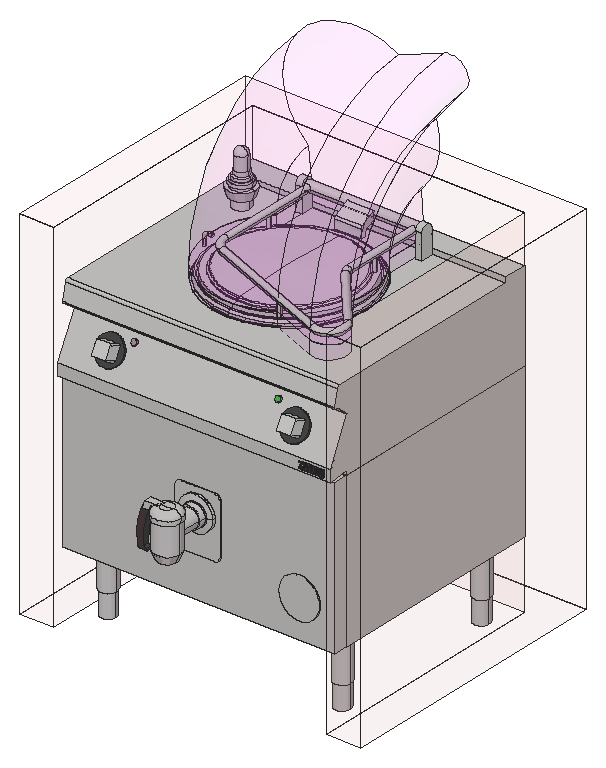
Revit family "QF_ZANUSSI_372273_Z7BSEHINFR", category Attrezzature speciali, Revit 2020
Family settings
  Quota connettore circolare = Usa diametro
  Tipo di parte = Normale
  Basato su piano di lavoro = No
  Sempre verticale = Sì
  Taglio con vuoti quando caricato = No
  Condiviso = Sì
  Punto di calcolo locali = No
Parameters (values of type "Standard")
  Weight = 220.462 lbm
  Watts = 9400 W
  Volts = 400 V
  URL Manufacturer = "http://www.zanussiprofessional.com"
  URL = "http://www.zanussiprofessional.com"
  Steam Supply Size = 0"
  Steam Supply Minimum Pressure = 0.00 psi
  Steam Supply Maximum Pressure = 0.00 psi
  Steam Consumption per Hour = 0
  Show Logo [instance] = yes
  Show Clearance [instance] = yes
  Refrigeration Suction Line Size = 0 mm
  Refrigeration Liquid Line Size = 0 mm
  Refrigerant Compressor Remote = yes
  Prospetto di default = 0 mm
  Produttore = "Zanussi"
  Phase = 3
  Modello = "Z7BSEHINFR"
  Length Actual = 800 mm  # constant formula
  Item Number = "372273"
  Hot Water Size = 3/4"
  Height Actual = 850 mm  # constant formula
  HP = "12.6 HP"
  Gas Size = 0"
  Gas KW = 0
  Gas Input Pressure = 0.0 Btu/h
  Direct Waste Size = 5 1/2"
  Descrizione = "60 LT EL. INDIRECT BOIL.PAN-AUTO.REFILL"
  Depth Actual = 700 mm  # constant formula
  Cycle = 50 Hz
  Condensate Return Size = 0"
  Compressed Air Volume = 0 GPM
  Compressed Air Size = 0"
  Compressed Air Pressure = 0.00 psi
  Cold Water Size = 3/4"
  Accessory = yes
Reference planes
  plane 1 "BACK": y = 0
  plane 2: z = 0
  plane 3 "LEFT": x = 0
  plane 4 "RIGHT": x = 800
  plane 5 "FRONT": y = -730
  plane 6: z = 850
  plane 7: z = 150
  plane 8: x = -100
  plane 9: x = 900
  plane 10: y = 100
  plane 11: z = 449
  plane 12 "Top": z = 850
  plane 13: y = -365
  plane 14: x = 400
  plane 15: z = 890.905
  plane 16: y = -512
  plane 17: y = -441
  plane 18: x = 762
  plane 19: z = 1045.049
Forms (mm)
  Extrusion 1, solid, material "QF_Finishes_Clearance", visible <- "Show Clearance"
    sketch origin (0, -80, 0) x (1, 0, 0) y (0, 1, 0)
      loop
        line (-100, -650) -> (0, -650) -> (0, 80) -> (800, 80) -> (800, -650) -> (900, -650) -> (900, 180) -> (-100, 180) -> (-100, -650)
    from 0 to 1055
  Extrusion 2, solid, material "QF_Finishes_Door Clearance", visible <- "Show Clearance"
    sketch origin (0, 42.589, 145) x (1, 0, 0) y (0, 1, 0)
      loop
        line (215, -117.774) -> (215, -152.562) -> (234.241, -152.562) -> (234.241, -247.575)
        arc (234.241, -247.575) -> (220.868, -552.476) -> (521.828, -603.136) r 230.392
        line (521.828, -603.136) -> (660.154, -657.755)
        arc (660.154, -657.755) -> (720.452, -640.077) -> (718.135, -577.284) r 51.161
        line (718.135, -577.284) -> (623.801, -464.862)
        arc (623.801, -464.862) -> (622.911, -349.021) -> (565.758, -248.256) r 230.392
        line (565.758, -248.256) -> (565.758, -152.562) -> (585, -152.562) -> (585, -117.774) -> (215, -117.774)
    from 755 to 795.905
  Revolve 3, solid, material "QF_Finishes_Door Clearance", visible <- "Show Clearance"
    sketch origin (-999.388, 37.227, 940.905) x (1, 0, 0) y (0, 1, 0)
      loop
        line (1214.388, -112.413) -> (1214.388, -147.2) -> (1233.629, -147.2) -> (1233.629, -242.213)
        arc (1233.629, -242.213) -> (1220.256, -547.115) -> (1521.217, -597.774) r 230.392
        line (1521.217, -597.774) -> (1659.542, -652.393)
        arc (1659.542, -652.393) -> (1719.84, -634.715) -> (1717.523, -571.922) r 51.161
        line (1717.523, -571.922) -> (1623.189, -459.5)
        arc (1623.189, -459.5) -> (1622.299, -343.659) -> (1565.146, -242.895) r 230.392
        line (1565.146, -242.895) -> (1565.146, -147.2) -> (1584.388, -147.2) -> (1584.388, -112.413) -> (1214.388, -112.413)
      axis (1214.388, -112.413) -> (1717.523, -112.413)
    angle from 0 to -85
  Extrusion 4, solid, material "QF_Finishes_Stainless Steel"
    sketch origin (28.192, 0, 82.666) x (1, 0, 0) y (0, 0, 1)
      loop
        circle (241.361, 238.63) r 30
    from 699.69 to 700.841
  Extrusion 5, solid, material "QF_Finishes_Stainless Steel"
    sketch origin (455.707, 0, 73.11) x (1, 0, 0) y (0, 0, 1)
      loop
        circle (241.361, 238.63) r 60
    from 699.69 to 700.841
  Extrusion 6, solid, material "QF_Finishes_Stainless Steel"
    sketch origin (0, 0, 50) x (0, 1, 0) y (0, 0, 1)
      loop
        line (0, 601) -> (0, 865) -> (-70, 865) -> (-70, 850) -> (-679.358, 850)
        arc (-679.358, 850) -> (-684.643, 847.811) -> (-686.833, 842.526) r 7.474
        line (-686.833, 842.526) -> (-699.884, 797.011)
        arc (-699.884, 797.011) -> (-699.396, 794.379) -> (-697, 793.184) r 3
        line (-697, 793.184) -> (-686.802, 793.184) -> (-654.982, 761.364) -> (-715, 641.508) -> (-715, 606.508) -> (-658.645, 614.428)
        arc (-658.645, 614.428) -> (-656.101, 613.674) -> (-655, 611.259) r 3.2
        line (-655, 611.259) -> (-655, 601) -> (0, 601)
    from 0 to 800
  Extrusion 7, solid, material "QF_Finishes_Stainless Steel"
    sketch origin (0, 0, 50) x (1, 0, 0) y (0, 1, 0)
      loop
        line (0, 0) -> (0, -655) -> (800, -655) -> (800, 0) -> (0, 0)
    from 150 to 600
  Extrusion 8, solid, material "QF_Finishes_Stainless Steel"
    sketch origin (0, -40, 50) x (0, 1, 0) y (0, 0, 1)
      loop
        line (-660, 601) -> (-660, 150) -> (-620, 150) -> (-620, 601) -> (-660, 601)
    from 0 to 800
  Extrusion 9, solid, material "QF_Finishes_Stainless Steel"
    sketch origin (-1055.159, 275.464, 194.383) x (1, 0, 0) y (0, 1, 0)
      loop
        circle (1102.159, -787.464) r 10
    from -9.383 to 5.617
  Extrusion 10, solid, material "QF_Finishes_Stainless Steel"
    sketch origin (-1055.159, 346.464, 194.383) x (1, 0, 0) y (0, 1, 0)
      loop
        circle (1102.159, -787.464) r 10
    from -9.383 to 5.617
  Extrusion 11, solid, material "QF_Finishes_Stainless Steel"
    sketch origin (-358.159, 332.464, 194.383) x (1, 0, 0) y (0, 1, 0)
      loop
        circle (1102.159, -787.464) r 10
    from -9.383 to 5.617
  Extrusion 12, solid, material "QF_Finishes_Stainless Steel"
    sketch origin (-702.159, 410.464, 194.383) x (1, 0, 0) y (0, 1, 0)
      loop
        circle (1102.159, -787.464) r 20
    from -9.383 to 5.617
  Extrusion 13, solid, material "QF_Finishes_Stainless Steel"
    sketch origin (-1055.159, 417.464, 194.383) x (1, 0, 0) y (0, 1, 0)
      loop
        circle (1102.159, -787.464) r 10
    from -9.383 to 5.617
Lines and regions (mm)
  reference lines
    curve 1: line (734, 0, 0) -> (754, 0, 0)
  model lines
    curve 2: line (0, -700, 200) -> (0, -660, 200)
Dimensions and locks
  plane 4 "RIGHT" to plane 3 "LEFT" = 800 mm
  plane 6 to level = 850 mm
  plane 3 "LEFT" to plane 4 "RIGHT" = 800 mm
  plane 5 "FRONT" to plane 1 "BACK" = 730 mm
  plane 8 to plane 3 "LEFT" = 100 mm
  plane 4 "RIGHT" to plane 9 = 100 mm
  plane 10 to plane 1 "BACK" = 100 mm
  equal spacing: plane 3 "LEFT", plane 14, plane 4 "RIGHT"
  equal spacing: plane 5 "FRONT", plane 13, plane 1 "BACK"
  aligned and locked: level to plane 2
  aligned and locked: plane 5 "FRONT" to Extrusion 1  (x2)
  aligned and locked: Extrusion 1 to plane 4 "RIGHT"
  aligned and locked: plane 3 "LEFT" to Extrusion 1
  aligned and locked: plane 8 to Extrusion 1
  aligned and locked: plane 9 to Extrusion 1
  aligned and locked: plane 10 to Extrusion 1
  aligned and locked: plane 1 "BACK" to Extrusion 1
Automatic sketch dimensions
  curve 2 to plane 5 "FRONT" = 30 mm
  plane 7 to curve 2 = 50 mm
  curve 2 to curve 2 = 40 mm
  plane 5 "FRONT" to Extrusion 1 sketch curve = 0 mm  (x2)
  Extrusion 1 sketch curve to plane 8 = 0 mm
  Extrusion 1 sketch curve to plane 3 "LEFT" = 0 mm
  plane 1 "BACK" to Extrusion 1 sketch curve = 0 mm
  Extrusion 1 sketch curve to plane 4 "RIGHT" = 0 mm
  Extrusion 1 sketch curve to plane 9 = 0 mm
  Extrusion 1 sketch curve to plane 10 = 0 mm
  plane 1 "BACK" to curve 1 = 0 mm
  plane 18 to curve 1 = 28 mm
  plane 18 to curve 1 = 8 mm
  Extrusion 2 sketch curve to plane 13 = 0 mm
  Extrusion 2 sketch curve to plane 14 = 0 mm
  Extrusion 2 sketch curve to plane 14 = 165.759 mm
  Extrusion 2 sketch curve to Extrusion 2 sketch curve = 19.241 mm
  plane 14 to Extrusion 2 sketch curve = 0.37 mm
  Extrusion 2 sketch curve to plane 16 = 48.547 mm
  plane 14 to Extrusion 2 sketch curve = 121.828 mm
  plane 14 to Extrusion 2 sketch curve = 165.758 mm
  Extrusion 2 sketch curve to Extrusion 2 sketch curve = 19.242 mm
  plane 17 to Extrusion 2 sketch curve = 18.727 mm
  plane 18 to Extrusion 2 sketch curve = 138.199 mm
  plane 18 to Extrusion 2 sketch curve = 101.846 mm
  Extrusion 2 sketch curve to Extrusion 2 sketch curve = 18.79 mm
  Extrusion 2 sketch curve to plane 16 = 22.695 mm
  plane 18 to Extrusion 2 sketch curve = 43.865 mm
  Extrusion 2 sketch curve to Extrusion 2 sketch curve = 32.885 mm
  Extrusion 2 sketch curve to plane 13 = 1.065 mm
  Extrusion 2 sketch curve to Extrusion 2 sketch curve = 95.694 mm
  Extrusion 2 sketch curve to Extrusion 2 sketch curve = 95.013 mm
  Extrusion 2 sketch curve to Extrusion 2 sketch curve = 34.788 mm
  Revolve 3 sketch curve to plane 13 = 0 mm
  Revolve 3 sketch curve to plane 14 = 0 mm
  Revolve 3 sketch curve to plane 14 = 165.759 mm
  Revolve 3 sketch curve to Revolve 3 sketch curve = 19.241 mm
  plane 14 to Revolve 3 sketch curve = 0.37 mm
  Revolve 3 sketch curve to plane 16 = 48.547 mm
  plane 14 to Revolve 3 sketch curve = 121.828 mm
  plane 14 to Revolve 3 sketch curve = 165.758 mm
  Revolve 3 sketch curve to Revolve 3 sketch curve = 19.242 mm
  plane 17 to Revolve 3 sketch curve = 18.727 mm
  plane 18 to Revolve 3 sketch curve = 138.199 mm
  plane 18 to Revolve 3 sketch curve = 101.846 mm
  Revolve 3 sketch curve to Revolve 3 sketch curve = 18.79 mm
  Revolve 3 sketch curve to plane 16 = 22.695 mm
  plane 18 to Revolve 3 sketch curve = 43.865 mm
  Revolve 3 sketch curve to Revolve 3 sketch curve = 32.885 mm
  Revolve 3 sketch curve to plane 13 = 1.065 mm
  Revolve 3 sketch curve to Revolve 3 sketch curve = 95.694 mm
  Revolve 3 sketch curve to Revolve 3 sketch curve = 95.013 mm
  Revolve 3 sketch curve to Revolve 3 sketch curve = 34.788 mm  (x2)
  Revolve 3 sketch curve to Revolve 3 sketch curve = 63.573 mm
  plane 14 to Revolve 3 sketch curve = 67.813 mm
  Extrusion 4 sketch curve to plane 14 = 130.446 mm
  plane 11 to Extrusion 4 sketch curve = 127.704 mm
  plane 18 to Extrusion 5 sketch curve = 64.932 mm
  plane 11 to Extrusion 5 sketch curve = 137.26 mm
  Extrusion 6 sketch curve to plane 1 "BACK" = 0 mm
  plane 15 to Extrusion 6 sketch curve = 24.095 mm
  plane 1 "BACK" to Extrusion 6 sketch curve = 70 mm
  Extrusion 6 sketch curve to plane 5 "FRONT" = 75.018 mm
  Extrusion 6 sketch curve to plane 5 "FRONT" = 75 mm
  Extrusion 6 sketch curve to Extrusion 6 sketch curve = 3.2 mm
  Extrusion 6 sketch curve to Extrusion 6 sketch curve = 0.445 mm
  plane 15 to Extrusion 6 sketch curve = 1.621 mm
  Extrusion 6 sketch curve to plane 5 "FRONT" = 50.642 mm
  Extrusion 6 sketch curve to plane 6 = 6.816 mm
  Extrusion 6 sketch curve to plane 5 "FRONT" = 43.198 mm
  Extrusion 6 sketch curve to Extrusion 6 sketch curve = 7.474 mm
  Extrusion 6 sketch curve to plane 6 = 3.816 mm
  Extrusion 6 sketch curve to Extrusion 6 sketch curve = 10.198 mm
  Extrusion 6 sketch curve to plane 6 = 2.989 mm
  Extrusion 6 sketch curve to plane 5 "FRONT" = 15 mm
  Extrusion 6 sketch curve to plane 6 = 38.636 mm
  Extrusion 6 sketch curve to Extrusion 6 sketch curve = 119.856 mm
  Extrusion 6 sketch curve to Extrusion 6 sketch curve = 27.08 mm
  Extrusion 6 sketch curve to Extrusion 6 sketch curve = 35 mm
  Extrusion 6 sketch curve to Extrusion 6 sketch curve = 10.259 mm
  Extrusion 7 sketch curve to plane 3 "LEFT" = 0 mm
  Extrusion 7 sketch curve to plane 4 "RIGHT" = 0 mm
  plane 1 "BACK" to Extrusion 7 sketch curve = 0 mm
  Extrusion 7 sketch curve to plane 5 "FRONT" = 75 mm
  Extrusion 8 sketch curve to plane 5 "FRONT" = 30 mm
  Extrusion 8 sketch curve to Extrusion 8 sketch curve = 40 mm
  plane 7 to Extrusion 8 sketch curve = 50 mm
  Extrusion 8 sketch curve to plane 6 = 199 mm
  Extrusion 9 sketch curve to plane 16 = 0 mm
  plane 3 "LEFT" to Extrusion 9 sketch curve = 47 mm
  Extrusion 10 sketch curve to plane 17 = 0 mm
  plane 3 "LEFT" to Extrusion 10 sketch curve = 47 mm
  plane 18 to Extrusion 11 sketch curve = 18 mm
  Extrusion 11 sketch curve to plane 17 = 14 mm
  Extrusion 12 sketch curve to plane 14 = 0 mm
  Extrusion 12 sketch curve to plane 13 = 12 mm
  Extrusion 13 sketch curve to plane 13 = 5 mm
  plane 3 "LEFT" to Extrusion 13 sketch curve = 47 mm
  radius of Extrusion 4 sketch curve = 30 mm
  radius of Extrusion 5 sketch curve = 60 mm
  radius of Extrusion 9 sketch curve = 10 mm
  radius of Extrusion 10 sketch curve = 10 mm
  radius of Extrusion 11 sketch curve = 10 mm
  radius of Extrusion 12 sketch curve = 20 mm
  radius of Extrusion 13 sketch curve = 10 mm
Nested families
  nested 1: "CHIUSURA_EBOLLITORE_MANIGLIA_420" at (400, -364.434, 900), type "CHIUSURA_EBOLLITORE_MANIGLIA_420"
  nested 2: "Valvola_Sicurezza_Pressione_VERSIONE LARGA" at (99.001, -165.726, 900) x (0, -1, 0) z (0, 0, 1), type "Valvola_Sicurezza_Pressione_VERSIONE LARGA"
  nested 3: "SPIA_RED" at (188.474, -668.991, 791.498) x (1, 0, 0) z (0, -0.9021, 0.4315), type "SPIA_RED"
  nested 4: "SPIA_GREEN" at (611.526, -668.991, 791.498) x (-1, 0, 0) z (0, -0.9021, 0.4315), type "SPIA_GREEN"
  nested 5: "CONTROLLER_XP-ZAN" at (178.223, -683.163, 755.086) x (1, 0, 0) z (0, -0.8942, 0.4478), type "CONTROLLER_XP-ZAN"
  nested 6: "CONTROLLER_XP-ZAN" at (723.911, -685.675, 750.07) x (1, 0, 0) z (0, -0.8942, 0.4478), type "CONTROLLER_XP-ZAN"
  nested 7: "ZANUSSI_Logo" at (748.892, -715, 722.809) x (1, 0, 0) z (0, -1, 0), Show Logo <- "Show Logo", visible <- "Show Logo", type "ZANUSSI_Logo"
    with Show Logo yes
  nested 8: "bocchettone_scarico_SX_ebollitori" at (400, -699.69, 411.296) x (1, 0, 0) z (0, -1, 0), type "bocchettone_scarico_SX_ebollitori"
    with Body Finish QF_Finishes_Stainless Steel
  nested 9: "Piedino 50xH200_par" at (56, -601, 0), type "Piedino 50xH200_par"
    with H 200 mm
  nested 10: "Piedino 50xH200_par" at (56, -91, 0), type "Piedino 50xH200_par"
    with H 200 mm
  nested 11: "Piedino 50xH200_par" at (744, -91, 0), type "Piedino 50xH200_par"
    with H 200 mm
  nested 12: "Piedino 50xH200_par" at (744, -601, 0), type "Piedino 50xH200_par"
    with H 200 mm
Connectors
  piping at (400, -377, 185), diameter 139.7, driven by "Direct Waste Size"
    settings: on Extrusion 12, index 8, connector inside diameter 24", connector length 0 mm, flow factor 0, pipe flow 0 GPM, pressure drop 0.00 psi, fitting loss kfactor 0, connector angle 0.00°, fixture units 0, engagement length 0 mm, angle of deflection 0.00°, flow configuration 0, flow direction 0, fitting loss method 0, system type 29, joint type 0, gender type 0, connector reference index -1, connector utility 0, adjustable connector no, is connector primary yes, connector description "Drain"
  electrical at (744, -455, 185), driven by "Volts"
    settings: on Extrusion 11, index 9, voltage 400 V, apparent load 0 VA, apparent load phase1 0 VA, apparent load phase2 0 VA, apparent load phase3 0 VA, power factor 1, load classification "Altro", number of poles 1, system type 30, power factor state 1, is connector primary yes, connector utility no, sub classification motor no, connector description "Electrical Connection"
  piping at (47, -512, 185), diameter 19.05, driven by "Cold Water Size"
    settings: on Extrusion 9, index 10, connector inside diameter 24", connector length 0 mm, flow factor 0, pipe flow 0 GPM, pressure drop 0.00 psi, fitting loss kfactor 0, connector angle 0.00°, fixture units 0, engagement length 0 mm, angle of deflection 0.00°, flow configuration 0, flow direction 0, fitting loss method 0, system type 29, joint type 0, gender type 0, connector reference index -1, connector utility 0, adjustable connector no, is connector primary no, connector description "Cold Water Inlet"
  piping at (47, -441, 185), diameter 19.05, driven by "Hot Water Size"
    settings: on Extrusion 10, index 11, connector inside diameter 24", connector length 0 mm, flow factor 0, pipe flow 0 GPM, pressure drop 0.00 psi, fitting loss kfactor 0, connector angle 0.00°, fixture units 0, engagement length 0 mm, angle of deflection 0.00°, flow configuration 0, flow direction 0, fitting loss method 0, system type 29, joint type 0, gender type 0, connector reference index -1, connector utility 0, adjustable connector no, is connector primary no, connector description "Hot Water Inlet"
  piping at (47, -370, 185), diameter 12.7
    settings: on Extrusion 13, index 12, connector inside diameter 24", connector length 0 mm, flow factor 0, pipe flow 0 GPM, pressure drop 0.00 psi, fitting loss kfactor 0, connector angle 0.00°, fixture units 0, engagement length 0 mm, angle of deflection 0.00°, flow configuration 0, flow direction 0, fitting loss method 0, system type 29, joint type 0, gender type 0, connector reference index -1, connector utility 0, adjustable connector no, is connector primary no, connector description "Water Drain"
Definition of nested family "CHIUSURA_EBOLLITORE_MANIGLIA_420"
  Parameters (values of type "CHIUSURA_EBOLLITORE_MANIGLIA_420")
    Default Elevation = 1219.2 mm
  Reference planes
    plane 1 "Centro (Fronte/Retro)": y = 0
    plane 2: z = 0
    plane 3 "Centro (Sinistra/Destra)": x = 0
  Forms (mm)
    Extrusion 1, solid
      sketch origin (0, 0, 0) x (1, 0, 0) y (0, 1, 0)
        loop
          line (-1219.2, 1219.2) -> (-1219.2, -1219.2) -> (1219.2, -1219.2) -> (1219.2, 1219.2) -> (-1219.2, 1219.2)
      from 0 to -304.8
    Sweep 2, solid
      path origin (-400, 374.738, -849.313) x (1, 0, 0) y (0, 1, 0)
        loop
          line (243.743, -103.594) -> (243.743, -417.5)
          arc (243.743, -417.5) -> (252.432, -445.667) -> (275.478, -464.045) r 50
          line (275.478, -464.045) -> (663.94, -616.483)
          arc (663.94, -616.483) -> (712.787, -602.077) -> (710.882, -551.185) r 41.493
          line (710.882, -551.185) -> (563.79, -375.888)
          arc (563.79, -375.888) -> (558.199, -366.203) -> (556.257, -355.19) r 32.201
          line (556.257, -355.19) -> (556.257, -103.594)
      profile origin (-156.257, 114.191, -849.313) x (1, 0, 0) y (0, 0, 1)
        loop
          circle (0, 918.759) r 9.525
    Revolve 3, solid
      sketch origin (0, 355.988, -849.313) x (0, 1, 0) y (0, 0, 1)
        loop
          line (-355.988, 849.313) -> (-355.988, 890.138)
          arc (-355.988, 890.138) -> (-448.202, 888.071) -> (-540.231, 881.875) r 2058.307
          arc (-540.231, 881.875) -> (-541.6, 881.506) -> (-542.761, 880.692) r 4.095
          line (-542.761, 880.692) -> (-546.613, 876.84) -> (-546.613, 873.469) -> (-564.694, 873.469) -> (-564.694, 853.437) -> (-572.776, 853.437) -> (-572.776, 867.549) -> (-576.075, 867.549) -> (-576.075, 865.745) -> (-580.988, 857.235) -> (-580.988, 851.51) -> (-585.988, 851.51) -> (-585.988, 849.313) -> (-355.988, 849.313)
        axis (-355.988, 849.313) -> (-355.988, 890.138)
      angle from 0 to 360
    Extrusion 4, solid
      sketch origin (-400, 374.738, -849.313) x (1, 0, 0) y (0, 1, 0)
        loop
          circle (516.64, -559.183) r 5
        loop
          circle (611.532, -432.835) r 5
        loop
          circle (556.239, -256.89) r 5
        loop
          circle (243.739, -256.89) r 5
      from 873.469 to 917.509
    Extrusion 5, solid
      sketch origin (-400, 375.449, -857.666) x (0, 1, 0) y (0, 0, 1)
        loop
          circle (-103.594, 927.13) r 15
      from 215 to 585
    Extrusion 6, solid
      sketch origin (-400, 376.074, -857.666) x (0, 1, 0) y (0, 0, 1)
        loop
          line (-161.825, 881.823) -> (-147.722, 881.823) -> (-147.722, 896.159)
          arc (-147.722, 896.159) -> (-146.818, 899.027) -> (-144.432, 900.857) r 5
          line (-144.432, 900.857) -> (-110.128, 913.343)
          arc (-110.128, 913.343) -> (-118.811, 923.657) -> (-115.705, 936.776) r 15
          line (-115.705, 936.776) -> (-157.703, 913.496)
          arc (-157.703, 913.496) -> (-160.718, 910.56) -> (-161.825, 906.499) r 8
          line (-161.825, 906.499) -> (-161.825, 881.823)
      from 361.051 to 438.949
    Extrusion 7, solid
      sketch origin (326.071, 375.449, -856.416) x (0, 1, 0) y (0, 0, -1)
        loop
          line (-86.2, -856.416) -> (-120.988, -856.416) -> (-120.988, -927.861)
          arc (-120.988, -927.861) -> (-103.594, -945.255) -> (-86.2, -927.861) r 17.394
          line (-86.2, -927.861) -> (-86.2, -856.416)
      from 492.722 to 511.071
    Sweep 8, solid
      path origin (25, 0, 0) x (1, 0, 0) y (0, 0, 1)
        loop
          line (-276.49, 0) -> (-276.49, 22.015)
          arc (-276.49, 22.015) -> (-272.687, 31.197) -> (-263.505, 35) r 12.985
          line (-263.505, 35) -> (-251.49, 35)
      profile origin (-251.49, 0, 11.007) x (-1, 0, 0) y (0, -1, 0)
        loop
          circle (0, 0) r 4
    Sweep 9, void
      path origin (25, 0.021, -0.007) x (1, 0, 0) y (0, 0, 1)
        loop
          line (-276.49, 0) -> (-276.49, 22.015)
          arc (-276.49, 22.015) -> (-272.687, 31.197) -> (-263.505, 35) r 12.985
          line (-263.505, 35) -> (-251.49, 35)
      profile origin (-251.49, 0.021, 11) x (-1, 0, 0) y (0, -1, 0)
        loop
          circle (0, 0) r 3
    Extrusion 10, solid
      sketch origin (-326.071, 375.449, -856.416) x (0, 1, 0) y (0, 0, 1)
        loop
          line (-86.2, 856.416) -> (-86.2, 927.861)
          arc (-86.2, 927.861) -> (-103.594, 945.255) -> (-120.988, 927.861) r 17.394
          line (-120.988, 927.861) -> (-120.988, 856.416) -> (-86.2, 856.416)
      from 492.722 to 511.071
  Cuts and joins
    Sweep 9 cuts Sweep 8
    joined: Sweep 2, Extrusion 5, Extrusion 7, Extrusion 10
  Dimensions and locks
    aligned and locked: plane 2 to Extrusion 1
    aligned and locked: level to Extrusion 1
Definition of nested family "Valvola_Sicurezza_Pressione_VERSIONE LARGA"
  Parameters (values of type "Valvola_Sicurezza_Pressione_VERSIONE LARGA")
    Default Elevation = 1219.2 mm
  Reference planes
    plane 1 "Centro (Fronte/Retro)": y = 0
    plane 2: z = 0
    plane 3 "Centro (Sinistra/Destra)": x = 0
  Forms (mm)
    Extrusion 1, solid
      sketch origin (0, 0, 0) x (1, 0, 0) y (0, 1, 0)
        loop
          line (-1219.2, 1219.2) -> (-1219.2, -1219.2) -> (1219.2, -1219.2) -> (1219.2, 1219.2) -> (-1219.2, 1219.2)
      from 0 to -304.8
    Revolve 2, solid
      sketch origin (0, 127, -850) x (0, 1, 0) y (0, 0, 1)
        loop
          line (-127, 850) -> (-127, 1005.049)
          arc (-127, 1005.049) -> (-139.857, 999.724) -> (-145.183, 986.867) r 18.183
          line (-145.183, 986.867) -> (-145.183, 946.198) -> (-147.515, 946.198) -> (-147.515, 935.501) -> (-152, 931.015) -> (-152, 924.56) -> (-157, 924.56) -> (-157, 919.56) -> (-160.008, 919.56) -> (-160.008, 911.432) -> (-157, 911.432) -> (-157, 902.923) -> (-168.345, 902.923) -> (-160.305, 877.208) -> (-152, 875.138) -> (-152, 850) -> (-127, 850)
        axis (-127, 850) -> (-127, 1005.049)
      angle from 0 to 360
  Dimensions and locks
    aligned and locked: plane 2 to Extrusion 1
    aligned and locked: level to Extrusion 1
Definition of nested family "SPIA_RED"
  Parameters
    Default Elevation = 1219.2 mm
  Reference planes
    plane 1 "Centro (Fronte/Retro)": y = 0
    plane 2: z = 0
    plane 3 "Centro (Sinistra/Destra)": x = 0
  Forms (mm)
    Extrusion 1, solid
      sketch origin (0, 0, 0) x (1, 0, 0) y (0, 1, 0)
        loop
          line (-1219.2, 1219.2) -> (-1219.2, -1219.2) -> (1219.2, -1219.2) -> (1219.2, 1219.2) -> (-1219.2, 1219.2)
      from 0 to -304.8
    Extrusion 2, solid
      sketch origin (-367.513, 69.533, 3.175) x (-1, 0, 0) y (0, 1, 0)
        loop
          circle (-367.513, -69.533) r 8
      from 0 to 3.175
  Dimensions and locks
    aligned and locked: plane 2 to Extrusion 1
    aligned and locked: level to Extrusion 1
Definition of nested family "SPIA_GREEN"
  Parameters
    Default Elevation = 1219.2 mm
  Reference planes
    plane 1 "Centro (Fronte/Retro)": y = 0
    plane 2: z = 0
    plane 3 "Centro (Sinistra/Destra)": x = 0
  Forms (mm)
    Extrusion 1, solid
      sketch origin (0, 0, 0) x (1, 0, 0) y (0, 1, 0)
        loop
          line (-1219.2, 1219.2) -> (-1219.2, -1219.2) -> (1219.2, -1219.2) -> (1219.2, 1219.2) -> (-1219.2, 1219.2)
      from 0 to -304.8
    Extrusion 2, solid
      sketch origin (-367.513, 69.533, 3.175) x (-1, 0, 0) y (0, 1, 0)
        loop
          circle (-367.513, -69.533) r 8
      from 0 to 3.175
  Dimensions and locks
    aligned and locked: plane 2 to Extrusion 1
    aligned and locked: level to Extrusion 1
Definition of nested family "CONTROLLER_XP-ZAN"
  Parameters (values of type "CONTROLLER_XP-ZAN")
    Default Elevation = 0 mm
  Reference planes
    plane 1 "Centro (Fronte/Retro)": y = 0
    plane 2: z = 0
    plane 3 "Centro (Sinistra/Destra)": x = 0
    plane 4: x = -51.067
    plane 5: x = 51.067
    plane 6: x = 93.481
    plane 7: x = -93.481
  Forms (mm)
    Extrusion 1, solid
      sketch origin (0, 0, 0) x (1, 0, 0) y (0, 1, 0)
        loop
          line (-1219.2, 1219.2) -> (-1219.2, -1219.2) -> (1219.2, -1219.2) -> (1219.2, 1219.2) -> (-1219.2, 1219.2)
      from 0 to -304.8
    Extrusion 2, solid
      sketch origin (-46.381, -48.923, 0) x (1, 0, 0) y (0, 1, 0)
        loop
          circle (-4.687, 48.923) r 42.414
      from 0 to 3.175
    Blend 3, solid
      base sketch origin (-46.381, -48.923, 3.175) x (1, 0, 0) y (0, 1, 0)
        loop
          line (-23.687, 25.923) -> (14.313, 25.923)
          arc (14.313, 25.923) -> (17.142, 27.095) -> (18.313, 29.923) r 4
          line (18.313, 29.923) -> (18.313, 66.519)
          arc (18.313, 66.519) -> (17.342, 69.132) -> (14.901, 70.476) r 4
          arc (14.901, 70.476) -> (-4.687, 71.923) -> (-24.275, 70.476) r 133.25
          arc (-24.275, 70.476) -> (-26.716, 69.132) -> (-27.687, 66.519) r 4
          line (-27.687, 66.519) -> (-27.687, 29.923)
          arc (-27.687, 29.923) -> (-26.515, 27.095) -> (-23.687, 25.923) r 4
      top sketch origin (-46.381, -48.923, 3.175) x (1, 0, 0) y (0, 1, 0)
        loop
          line (-25.687, 66.519) -> (-25.687, 29.923)
          arc (-25.687, 29.923) -> (-25.101, 28.509) -> (-23.687, 27.923) r 2
          line (-23.687, 27.923) -> (14.313, 27.923)
          arc (14.313, 27.923) -> (15.727, 28.509) -> (16.313, 29.923) r 2
          line (16.313, 29.923) -> (16.313, 66.519)
          arc (16.313, 66.519) -> (15.828, 67.825) -> (14.607, 68.498) r 2
          arc (14.607, 68.498) -> (-4.687, 69.923) -> (-23.981, 68.498) r 131.25
          arc (-23.981, 68.498) -> (-25.201, 67.825) -> (-25.687, 66.519) r 2
      from 0 to 33
  Lines and regions (mm)
    Split face 1
      outline origin (-46.381, -48.923, 36.175) x (1, 0, 0) y (0, 1, 0)
        loop
          line (-6.687, 69.908) -> (-6.687, 62.923) -> (-2.687, 62.923) -> (-2.687, 69.908)
  Dimensions and locks
    aligned and locked: plane 2 to Extrusion 1
    aligned and locked: level to Extrusion 1
Definition of nested family "ZANUSSI_Logo"
  Parameters (values of type "ZANUSSI_Logo")
    Show Logo [instance] = yes
    Default Elevation = 1219.2 mm
  Reference planes
    plane 1 "Center (Front/Back)": y = -49
    plane 2: z = 0
    plane 3 "Center (Left/Right)": x = -9.92
  Forms (mm)
    Extrusion 1, solid
      sketch origin (0, 0, 0) x (1, 0, 0) y (0, 1, 0)
        loop
          line (-1219.2, 1219.2) -> (-1219.2, -1219.2) -> (1219.2, -1219.2) -> (1219.2, 1219.2) -> (-1219.2, 1219.2)
      from 0 to -304.8
    Extrusion 2, solid, visible <- "Show Logo"
      sketch origin (106.353, -215.165, -50) x (1, 0, 0) y (0, 1, 0)
        loop
          line (-137.419, 156.48) -> (-137.419, 160.444) -> (-143.365, 160.444) -> (-137.419, 172.566) -> (-137.419, 175.851) -> (-147.274, 175.851) -> (-147.274, 172.226) -> (-142.063, 172.339) -> (-147.728, 160.444) -> (-147.728, 156.48) -> (-137.419, 156.48)
        loop
          line (-131.729, 163.73) -> (-129.463, 163.73) -> (-130.596, 172.54) -> (-131.729, 163.73)
        loop
          line (-132.748, 156.48) -> (-132.182, 160.218) -> (-128.897, 160.218) -> (-128.33, 156.48) -> (-124.252, 156.48) -> (-127.877, 175.851) -> (-133.315, 175.851) -> (-136.826, 156.48) -> (-132.748, 156.48)
        loop
          line (-123.75, 175.851) -> (-123.75, 156.48) -> (-120.238, 156.48) -> (-120.238, 169.281) -> (-116.953, 156.48) -> (-112.648, 156.48) -> (-112.648, 175.851) -> (-116.273, 175.851) -> (-116.273, 163.503) -> (-119.558, 175.851) -> (-123.75, 175.851)
        loop
          arc (-111.742, 161.27) -> (-106.896, 156.448) -> (-101.433, 160.558) r 5.22
          line (-101.433, 160.558) -> (-101.433, 175.851) -> (-105.398, 175.851) -> (-105.398, 161.464)
          arc (-105.398, 161.464) -> (-106.44, 160.263) -> (-107.777, 161.124) r 1.214
          line (-107.777, 161.124) -> (-107.777, 175.851) -> (-111.742, 175.851) -> (-111.742, 161.27)
        loop
          line (-94.069, 169.734) -> (-90.331, 169.734) -> (-90.269, 171.495)
          arc (-90.269, 171.495) -> (-90.53, 173.458) -> (-91.761, 175.009) r 3.719
          arc (-91.761, 175.009) -> (-95.38, 176.189) -> (-98.998, 175.009) r 6.139
          arc (-98.998, 175.009) -> (-100.474, 172.145) -> (-100.291, 168.927) r 6.125
          arc (-100.291, 168.927) -> (-99.079, 167.149) -> (-97.591, 165.594) r 13.068
          line (-97.591, 165.594) -> (-95.921, 164.113)
          arc (-95.921, 164.113) -> (-94.934, 163.275) -> (-94.167, 162.233) r 5.571
          arc (-94.167, 162.233) -> (-94.357, 160.41) -> (-96.143, 160.003) r 1.573
          arc (-96.143, 160.003) -> (-96.681, 160.547) -> (-96.911, 161.277) r 1.631
          arc (-96.911, 161.277) -> (-96.929, 161.791) -> (-96.911, 162.305) r 7.441
          arc (-96.911, 162.305) -> (-96.895, 162.791) -> (-96.911, 163.277) r 7.03
          line (-96.911, 163.277) -> (-100.866, 163.277)
          arc (-100.866, 163.277) -> (-100.828, 160.504) -> (-99.735, 157.955) r 7.131
          arc (-99.735, 157.955) -> (-94.571, 156.484) -> (-90.221, 159.633) r 6.148
          arc (-90.221, 159.633) -> (-90.141, 162.884) -> (-91.536, 165.823) r 7.021
          line (-91.536, 165.823) -> (-95.882, 169.734)
          arc (-95.882, 169.734) -> (-96.47, 170.472) -> (-96.785, 171.362) r 2.858
          arc (-96.785, 171.362) -> (-95.666, 172.959) -> (-94.069, 171.84) r 1.379
          line (-94.069, 171.84) -> (-94.069, 169.734)
        loop
          line (-82.771, 169.734) -> (-79.033, 169.734) -> (-78.971, 171.495)
          arc (-78.971, 171.495) -> (-79.232, 173.458) -> (-80.463, 175.009) r 3.719
          arc (-80.463, 175.009) -> (-84.081, 176.189) -> (-87.7, 175.009) r 6.139
          arc (-87.7, 175.009) -> (-89.175, 172.145) -> (-88.993, 168.927) r 6.125
          arc (-88.993, 168.927) -> (-87.781, 167.149) -> (-86.293, 165.594) r 13.068
          line (-86.293, 165.594) -> (-84.623, 164.113)
          arc (-84.623, 164.113) -> (-83.636, 163.275) -> (-82.869, 162.233) r 5.571
          arc (-82.869, 162.233) -> (-83.059, 160.41) -> (-84.845, 160.003) r 1.573
          arc (-84.845, 160.003) -> (-85.383, 160.547) -> (-85.613, 161.277) r 1.631
          arc (-85.613, 161.277) -> (-85.631, 161.791) -> (-85.613, 162.305) r 7.441
          arc (-85.613, 162.305) -> (-85.596, 162.791) -> (-85.613, 163.277) r 7.03
          line (-85.613, 163.277) -> (-89.568, 163.277)
          arc (-89.568, 163.277) -> (-89.53, 160.504) -> (-88.437, 157.955) r 7.131
          arc (-88.437, 157.955) -> (-83.272, 156.484) -> (-78.922, 159.633) r 6.148
          arc (-78.922, 159.633) -> (-78.843, 162.884) -> (-80.238, 165.823) r 7.021
          line (-80.238, 165.823) -> (-84.584, 169.734)
          arc (-84.584, 169.734) -> (-85.171, 170.472) -> (-85.486, 171.362) r 2.858
          arc (-85.486, 171.362) -> (-84.368, 172.959) -> (-82.771, 171.84) r 1.379
          line (-82.771, 171.84) -> (-82.771, 169.734)
        loop
          line (-78.21, 175.851) -> (-78.21, 156.48) -> (-74.245, 156.48) -> (-74.245, 175.851) -> (-78.21, 175.851)
      from 50 to 51.6
  Dimensions and locks
    aligned and locked: plane 2 to Extrusion 1
    aligned and locked: level to Extrusion 1
Definition of nested family "bocchettone_scarico_SX_ebollitori"
  Parameters
    Default Elevation = 1219.2 mm
    Body Finish [instance] = none
  Reference planes
    plane 1 "Centro (Fronte/Retro)": y = 0
    plane 2: z = 0
    plane 3 "Centro (Sinistra/Destra)": x = 0
  Forms (mm)
    Extrusion 1, solid
      sketch origin (0, 0, 0) x (1, 0, 0) y (0, 1, 0)
        loop
          line (-1219.2, 1219.2) -> (-1219.2, -1219.2) -> (1219.2, -1219.2) -> (1219.2, 1219.2) -> (-1219.2, 1219.2)
      from 0 to -304.8
    Extrusion 2, solid
      sketch origin (-400, 240.774, 0) x (0, 1, 0) y (-1, 0, 0)
        loop
          arc (-150.774, -353.125) -> (-156.632, -338.983) -> (-170.774, -333.125) r 20
          line (-170.774, -333.125) -> (-310.774, -333.125)
          arc (-310.774, -333.125) -> (-324.916, -338.983) -> (-330.774, -353.125) r 20
          line (-330.774, -353.125) -> (-330.774, -446.875)
          arc (-330.774, -446.875) -> (-324.916, -461.017) -> (-310.774, -466.875) r 20
          line (-310.774, -466.875) -> (-170.774, -466.875)
          arc (-170.774, -466.875) -> (-156.632, -461.017) -> (-150.774, -446.875) r 20
          line (-150.774, -446.875) -> (-150.774, -353.125)
      from 0 to 3.2
    Revolve 3, solid, material <- "Body Finish"
      sketch origin (-350, 21.922, -772.589) x (1, 0, 0) y (0, 0, -1)
        loop
          line (350, -775.828) -> (350, -864.845) -> (377.31, -864.845) -> (377.31, -807.326) -> (381.52, -807.326) -> (381.52, -788.802) -> (383.56, -788.802) -> (383.56, -785.903) -> (400.479, -782.307) -> (400.479, -775.828) -> (350, -775.828)
        axis (350, -864.845) -> (350, -775.828)
      angle from 0 to 360
    Revolve 4, solid, material <- "Body Finish"
      sketch origin (-350, -526.747, 115) x (1, 0, 0) y (0, 1, 0)
        loop
          line (387.487, 584.414) -> (391.109, 584.414) -> (391.109, 596.458)
          arc (391.109, 596.458) -> (383.595, 608.72) -> (370.039, 613.521) r 21.541
          line (370.039, 613.521) -> (350, 613.521) -> (350, 475.451) -> (376.476, 475.451) -> (387.487, 500.451) -> (387.487, 584.414)
        axis (350, 475.451) -> (350, 613.521)
      angle from 0 to 360
    Extrusion 5, solid, material <- "Body Finish"
      sketch origin (-350, -775.155, 38.523) x (1, 0, 0) y (0, 1, 0)
        loop
          line (334.337, 862.322) -> (293.259, 862.322)
          arc (293.259, 862.322) -> (288.909, 852.087) -> (286.124, 841.32) r 74.823
          line (286.124, 841.32) -> (313.163, 841.32)
          arc (313.163, 841.32) -> (321.492, 854.097) -> (334.337, 862.322) r 36.276
      from 65.839 to 87.452
    Extrusion 6, solid
      sketch origin (-317.505, -797.905, 38.523) x (0.996195, 0.087156, 0) y (-0.087156, 0.996195, 0)
        loop
          line (310.083, 729.392) -> (326.95, 725.56)
          arc (326.95, 725.56) -> (330.708, 728.657) -> (328.286, 732.881) r 3.774
          arc (328.286, 732.881) -> (324.091, 735.364) -> (321.08, 739.199) r 13.226
          arc (321.08, 739.199) -> (329.921, 798.627) -> (355.034, 853.209) r 212.616
          line (355.034, 853.209) -> (332.761, 855.158)
          arc (332.761, 855.158) -> (308.651, 800.836) -> (302.633, 741.71) r 188.693
          arc (302.633, 741.71) -> (303.742, 733.968) -> (310.083, 729.392) r 10
      from 68.541 to 84.413
  Dimensions and locks
    Extrusion 5 sketch curve to Extrusion 5 sketch curve to Revolve 4 = 21.002 mm locked, 117.461 mm locked
    Extrusion 6 sketch curve to Extrusion 6 sketch curve to Extrusion 6 sketch curve to Extrusion 6 sketch curve to Extrusion 6 sketch curve to Extrusion 6 sketch curve = 2.347 mm locked, 5.062 mm locked, 5.666 mm locked, 0.894 mm locked, 115.642 mm locked
    aligned and locked: plane 2 to Extrusion 1
    aligned and locked: level to Extrusion 1
Definition of nested family "Piedino 50xH200_par"
  Parameters (values of type "Piedino 50xH200_par")
    Default Elevation = 0 mm
    H [instance] = 200 mm
  Reference planes
    plane 1 "Centro (Fronte/Retro)": y = 0
    plane 2: z = 0
    plane 3 "Centro (Sinistra/Destra)": x = 0
  Forms (mm)
    Revolve 1, solid
      sketch origin (55, 0, 0) x (-1, 0, 0) y (0, 0, -1)
        loop
          line (55, 0) -> (32.1, 0) -> (32.1, -69.05) -> (29.6, -69.05) -> (29.6, -200) -> (55, -200) -> (55, 0)
        axis (55, 0) -> (55, -200)
      angle from 0 to 360
  Dimensions and locks
    "H": Revolve 1 to plane 2
    aligned and locked: level to plane 2
  Automatic sketch dimensions
    Revolve 1 sketch curve to level = 0 mm
    Revolve 1 sketch curve to plane 3 "Centro (Sinistra/Destra)" = 0 mm  (x2)
    plane 3 "Centro (Sinistra/Destra)" to Revolve 1 sketch curve = 22.9 mm
    Revolve 1 sketch curve to Revolve 1 sketch curve = 2.5 mm
    level to Revolve 1 sketch curve = 69.05 mm
    Revolve 1 sketch curve to Revolve 1 sketch curve = 130.95 mm
    Revolve 1 sketch curve to Revolve 1 sketch curve = 0 mm
    Revolve 1 sketch curve to Revolve 1 sketch curve = 20 mm
